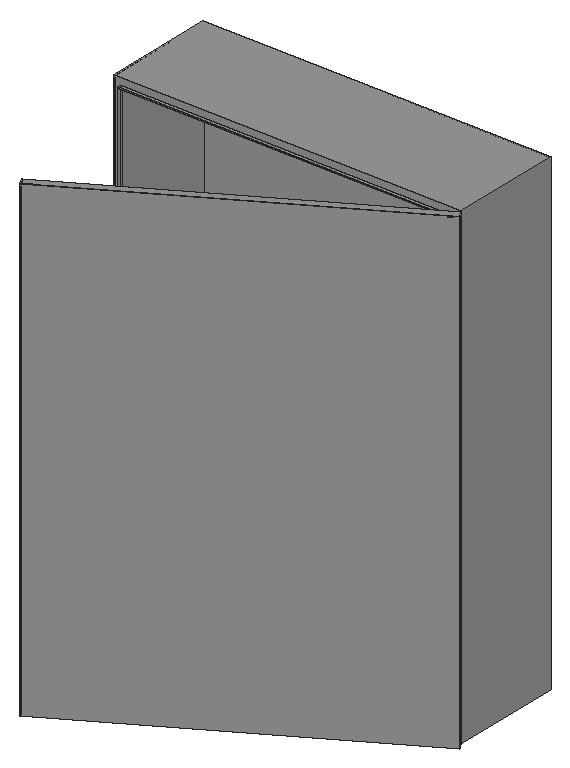
Revit family "Hager-Univers-IP55-D275-H1100-Cl.I-Steel_encl-NoHosted-PL-en", category Equipement électrique, Revit 2020
Family settings
  Configuration du panneau = Deux colonnes, circuits au sein
  Cote de connecteur circulaire = Utiliser le diamètre
  Type d'élément = Tableau de raccordement
  Basée sur le plan de construction = Oui
  Toujours verticalement = Oui
  Couper avec des vides une fois chargée = Non
  Partagée = Non
  Point de calcul de pièce = Non
Parameters (values of type "Surface mounted (plaster) IP55 W800 H1100 D275  - FR73E")
  Width Control [instance] = if([EF000008 - Width] > Min Width, [EF000008 - Width], Min Width)  # 800 mm
  Commentaires du type = [HG000003 - Range]  # "Univers"
  Thickness Door [instance] = if([EF009171 - Material plate thickness door/cover] > 3 mm, 3 mm, [EF009171 - Material plate thickness door/cover])  # 1.5 mm
  Seal Frame Offset [instance] = 17 mm  # constant formula
  Plinth Visibility [instance] = [HG000027 - Plinth height] > 0 mm  # no
  Min Width [instance] = 100 mm  # constant formula
  Min Depth [instance] = (2 * [EF009170 - Material plate thickness cabinet]) + 1 mm  # 4 mm
  Min Height [instance] = 100 mm  # constant formula
  Internal Frame Depth [instance] = (Door System Depth * 0.5)  # 9 mm
  Panel Name [instance] = ""  # (empty or 0)
  Model = ""
  HG000027 - Plinth height = 0 mm
  HG000026 - Floor standing = no
  HG000024 - Bottom section height = 600 mm
  HG000023 - Double section enclosure = no
  HG000016 - Door 3d visibility [instance] = yes
  HG000015 - Clearance visibility [instance] = no
  HG000014 - Door on the right [instance] = yes
  HG000013 - Door on the left [instance] = not([HG000014 - Door on the right])  # no
  HG000012 - Door swing angle [instance] = 30.00°
  HG000010 - Asymmetric doors = no
  HG000009 - Double swing door = no
  HG000006 - Flush mounted = no
  HG000004 - Manufacturer reference = "FR73E"
  HG000003 - Range = "Univers"
  HG000002 - With door or cover = yes
  Frame Offset Bottom [instance] = 10 mm  # constant formula
  Frame Offset [instance] = 15 mm  # constant formula
  EF015940 - Cover with overpressure release = no
  EF011959 - Degree of protection (NEMA) = ""
  EF009554 - Number of openings for flange plates = 6
  EF009212 - Cover model = "EV000116 - Closed"
  EF009171 - Material plate thickness door/cover = 1.5 mm
  EF009170 - Material plate thickness cabinet = 1.5 mm
  EF008873 - Nominal current (In) = 800 A
  EF007800 - Suitable for lightning protection = no
  EF006306 - With lock = no
  EF006244 - Transparent cover/door = no
  EF005474 - Degree of protection (IP) = "EV006420 - IP55"
  EF004464 - Type of door = "EV002646 - Single"
  EF004427 - Number of modules = 252
  EF004293 - Impact strength = "EV008784 - IK10"
  EF003532 - Suitable for outdoor use = no
  EF002950 - Width in number of modular spacings = 24
  EF001613 - Circuit integrity = "EV000494 - None"
  EF001596 - Material housing = "EV000179 - Steel"
  EF001131 - Internal depth = 275 mm
  EF001088 - Extension possible = yes
  EF000437 - Number of conduit inlets = 6
  EF000339 - Type of cover = "EV004216 - Door"
  EF000266 - Number of rows = 7
  EF000218 - Built-in depth = 0 mm
  EF000118 - With mounting plate = no
  EF000116 - RAL-number = "7035"
  EF000049 - Depth = 275 mm
  EF000040 - Height = 1100 mm
  EF000008 - Width = 800 mm
  EF000007 - Colour = "EV000270 - Grey"
  EF000003 - Mounting method = "EV000384 - Surface mounted (plaster)"
  Door System Leaf Tolerance [instance] = 1.5 mm  # constant formula
  Door System Depth [instance] = 18 mm  # constant formula
  Door Height [instance] = Height Control - [HG000027 - Plinth height]  # 1100 mm
  Description = ""
  Default Elevation = 1219.2 mm
  Connector Offset [instance] = Height Control / 2  # 550 mm
  Fabricant = "Hager"  # constant formula
  Height Control [instance] = if([EF000040 - Height] > Min Height, [EF000040 - Height], Min Height)  # 1100 mm
  Depth Control [instance] = if([EF000049 - Depth] > Min Depth, [EF000049 - Depth], Min Depth)  # 275 mm
  Bottom Top Plate Trim [instance] = 1.5 mm  # constant formula
  Plinth height Ctrl [instance] = if([HG000027 - Plinth height] > 0 mm, [HG000027 - Plinth height], 12 mm)  # 12 mm
Types (5, lengths in mm): name | Width Control | HG000010 - Asymmetric doors | HG000009 - Double swing door | HG000004 - Manufacturer reference | EF009554 - Number of openings for flange plates | EF004464 - Type of door | EF004427 - Number of modules | EF000437 - Number of conduit inlets | EF000008 - Width
  Surface mounted (plaster) IP55 W1050 H1100 D275  - FR74E | 1050 | no | yes | "FR74E" | 8 | "EV003602 - Double" | 336 | 8 | 1050
  Surface mounted (plaster) IP55 W1300 H1100 D275  - FR75E | 1300 | yes | yes | "FR75E" | 10 | "EV003602 - Double" | 420 | 10 | 1300
  Surface mounted (plaster) IP55 W300 H1100 D275  - FR71E | 300 | no | no | "FR71E" | 2 | "EV002646 - Single" | 84 | 2 | 300
  Surface mounted (plaster) IP55 W550 H1100 D275  - FR72E | 550 | no | no | "FR72E" | 4 | "EV002646 - Single" | 168 | 4 | 550
  Surface mounted (plaster) IP55 W800 H1100 D275  - FR73E | 800 | no | no | "FR73E" | 6 | "EV002646 - Single" | 252 | 6 | 800
Reference planes
  plane 1 "Center (Front/Back)": y = 0
  plane 2: z = 0
  plane 3 "Center (Left/Right)": x = 0
  plane 4: y = 0
  plane 5: y = 0
  plane 6: z = 0
  plane 7: x = -400
  plane 8: x = 400
  plane 9: x = 398.5
  plane 10: x = -398.5
  plane 11: z = 0
  plane 12: z = 1.5
  plane 13: y = -275
  plane 14: y = -1.5
  plane 15: x = 0
  plane 16: y = -257
  plane 17: y = -273.5
  plane 18: y = -255.5
  plane 19: x = -383.5
  plane 20: x = 383.5
  plane 21: z = 11.5
  plane 22: x = -383
  plane 23: x = 383
  plane 24: z = 0
  plane 25: z = 1100
  plane 26: z = 1100
  plane 27: z = 1083.5
  plane 28: z = 1098.5
Forms (mm)
  Extrusion 1, solid, material "Hager_Steel_RAL7035_Light_Grey", detail levels medium+fine
    sketch origin (-208.679, -4572, 0) x (-1, 0, 0) y (0, -1, 0)
      loop
        line (191.321, -4315) -> (-608.679, -4315) -> (-608.679, -4572) -> (191.321, -4572) -> (191.321, -4315)
    from 0 to 1100
  Extrusion 2, void
    sketch origin (-350.771, -275, 1219.2) x (1, 0, 0) y (0, 0, 1)
      loop
        line (-47.729, -120.7) -> (-47.729, -1217.7) -> (749.271, -1217.7) -> (749.271, -120.7) -> (-47.729, -120.7)
    from -19.5 to -273.5
  Extrusion 3, void
    sketch origin (-290.084, -257, 1219.2) x (1, 0, 0) y (0, 0, 1)
      loop
        line (-93.416, -1207.7) -> (673.584, -1207.7) -> (673.584, -135.7) -> (-93.416, -135.7) -> (-93.416, -1207.7)
    from 0 to -1.5
  Extrusion 4, solid, material "Hager_Steel_RAL7035_Light_Grey", visible <- "Plinth Visibility", detail levels medium+fine
    sketch origin (0, 0, 0) x (1, 0, 0) y (0, 1, 0)
      loop
        line (-400, 0) -> (-400, -257) -> (400, -257) -> (400, 0) -> (-400, 0)
    from 0 to 12 <- "Plinth height Ctrl"
  Extrusion 5, solid, material "Hager_Steel_RAL7035_Light_Grey", detail levels coarse
    sketch origin (0, 0, 0) x (1, 0, 0) y (0, 1, 0)
      loop
        line (-400, 0) -> (-400, -275) -> (400, -275) -> (400, 0) -> (-400, 0)
    from 0 to 1100 <- "Height Control"
  Sweep 6, void
    path in 3D
      loop
        line (-400, -257, 12) -> (400, -257, 12) -> (400, 0, 12) -> (-400, 0, 12) -> (-400, -257, 12)
    profile origin (-400, -128.5, 12) x (1, 0, 0) y (0, 0, 1)
      loop
        line (0, 0) -> (0, -1.5) -> (1.5, -1.5)
        arc (1.5, -1.5) -> (1.061, -0.439) -> (0, 0) r 1.5
  Extrusion 7, solid, material "Hager_Steel_RAL7035_Light_Grey", detail levels fine
    sketch origin (-400, -257, 0) x (1, 0, 0) y (0, 0, 1)
      loop
        line (16.5, 11.5) -> (783.5, 11.5) -> (783.5, 1083.5) -> (16.5, 1083.5) -> (16.5, 11.5)
      loop
        line (15, 10) -> (785, 10) -> (785, 1085) -> (15, 1085) -> (15, 10)
    from 0 to 9 <- "Internal Frame Depth"
Cuts and joins
  Extrusion 2, Extrusion 3 cuts Extrusion 1
  Sweep 6 cuts Extrusion 4
Lines and regions (mm)
  Masking region 1
    outline origin (0, 0, 0) x (1, 0, 0) y (0, 1, 0)
      loop
        line (-400, 0) -> (-400, -275) -> (400, -275) -> (400, 0) -> (-400, 0)
  Masking region 2, detail levels coarse
    outline origin (-290.084, -257, 1219.2) x (-1, 0, 0) y (0, 0, 1)
      loop
        line (-690.084, -1219.2) -> (109.916, -1219.2) -> (109.916, -119.2) -> (-690.084, -119.2) -> (-690.084, -1219.2)
  Masking region 3, detail levels coarse
    outline origin (0, 0, 0) x (0, 1, 0) y (0, 0, 1)
      loop
        line (0, 0) -> (0, 1100) -> (-275, 1100) -> (-275, 0) -> (0, 0)
  Masking region 4, visible <- "Plinth Visibility", detail levels medium+fine
    outline origin (0, 0, 0) x (0, 1, 0) y (0, 0, 1)
      loop
        line (-1.5, 12) -> (-255.5, 12)
        arc (-255.5, 12) -> (-255.939, 10.939) -> (-257, 10.5) r 1.5
        line (-257, 10.5) -> (-257, 0) -> (0, 0) -> (0, 10.5)
        arc (0, 10.5) -> (-1.061, 10.939) -> (-1.5, 12) r 1.5
  Masking region 5, detail levels medium+fine
    outline origin (0, 0, 594.038) x (0, 1, 0) y (0, 0, 1)
      loop
        line (0, -594.038) -> (0, 505.962) -> (-257, 505.962) -> (-257, -594.038) -> (0, -594.038)
  Masking region 6, detail levels medium+fine
    outline origin (-359.7, -257, 1211.883) x (-1, 0, 0) y (0, 0, 1)
      loop
        line (-759.7, -1211.883) -> (40.3, -1211.883) -> (40.3, -111.883) -> (-759.7, -111.883) -> (-759.7, -1211.883)
  Masking region 7, visible <- "Plinth Visibility", detail levels medium+fine
    outline origin (-320.334, -257, 1041.368) x (-1, 0, 0) y (0, 0, 1)
      loop
        line (-720.334, -1041.368) -> (79.666, -1041.368) -> (79.666, -1030.868)
        arc (79.666, -1030.868) -> (78.606, -1030.429) -> (78.166, -1029.368) r 1.5
        line (78.166, -1029.368) -> (-718.834, -1029.368)
        arc (-718.834, -1029.368) -> (-719.273, -1030.429) -> (-720.334, -1030.868) r 1.5
        line (-720.334, -1030.868) -> (-720.334, -1041.368)
  sketch lines
    curve 1: line (-400, 0, 12) -> (-400, -257, 12)
    curve 2: line (-400, -257, 12) -> (400, -257, 12)
    curve 3: line (400, 0, 12) -> (-400, 0, 12)
    curve 4: line (400, -257, 12) -> (400, 0, 12)
Dimensions and locks
  locked: plane 1 "Center (Front/Back)" to plane 5
  "EF009170 - Material plate thickness cabinet": plane 7 to plane 10
  "EF009170 - Material plate thickness cabinet": plane 8 to plane 9
  equal spacing: plane 7, plane 3 "Center (Left/Right)", plane 8
  "Width Control": plane 7 to plane 8
  "Depth Control": plane 4 to plane 13
  "EF009170 - Material plate thickness cabinet": plane 4 to plane 14
  "Height Control": plane 25 to level
  "HG000027 - Plinth height": plane 11 to level
  "EF009170 - Material plate thickness cabinet": plane 12 to plane 11
  "EF009170 - Material plate thickness cabinet": plane 17 to plane 13
  "EF009170 - Material plate thickness cabinet": plane 18 to plane 16
  "Frame Offset Bottom": plane 21 to plane 12
  "Frame Offset": plane 10 to plane 19
  "Frame Offset": plane 9 to plane 20
  "Door System Depth": plane 16 to plane 13
  "Seal Frame Offset": plane 7 to plane 22
  "Seal Frame Offset": plane 8 to plane 23
  "EF009170 - Material plate thickness cabinet": plane 26 to plane 28
  "Frame Offset": plane 28 to plane 27
  "Connector Offset": plane 2 to connector elem
  "Bottom Top Plate Trim": profile plane to Sweep 6 sketch curve
  "Bottom Top Plate Trim": Sweep 6 sketch curve to Sweep 6 sketch curve
  "Plinth height Ctrl": Masking region 4 sketch curve to level
  "Plinth height Ctrl": Masking region 7 sketch curve to level
  "Thickness Door": Extrusion 7 sketch curve to Extrusion 7 sketch curve  (x4)
  "Bottom Top Plate Trim": radius of Sweep 6 sketch curve
  "Bottom Top Plate Trim": radius of Masking region 4 sketch curve  (x2)
  "Bottom Top Plate Trim": radius of Masking region 7 sketch curve  (x2)
  aligned and locked: Extrusion 2 sketch curve to plane 12
  aligned and locked: Extrusion 2 sketch curve to plane 9
  aligned and locked: Extrusion 2 sketch curve to plane 10
  aligned and locked: Extrusion 2 to plane 14
  aligned and locked: Extrusion 1 sketch curve to plane 4
  aligned and locked: plane 8 to Extrusion 1 sketch curve
  aligned and locked: plane 7 to Extrusion 1 sketch curve
  aligned and locked: Extrusion 2 to plane 18
  aligned and locked: Extrusion 3 sketch curve to plane 19
  aligned and locked: plane 20 to Extrusion 3 sketch curve
  aligned and locked: Extrusion 3 to Extrusion 2
  aligned and locked: Extrusion 3 sketch curve to plane 21
  aligned and locked: plane 3 "Center (Left/Right)" to nested 1
  aligned and locked: Extrusion 1 sketch curve to plane 16
  aligned and locked: Extrusion 4 sketch curve to cut or joined group of Extrusion 1, Extrusion 2, Extrusion 3
  aligned and locked: Masking region 1 sketch curve to plane 7
  aligned and locked: Masking region 1 sketch curve to plane 5
  aligned and locked: Masking region 1 sketch curve to plane 8
  aligned and locked: Masking region 2 sketch curve to level
  aligned and locked: level to Masking region 3 sketch curve
  aligned and locked: plane 1 "Center (Front/Back)" to Masking region 3 sketch curve
  aligned and locked: plane 13 to Masking region 3 sketch curve
  aligned and locked: plane 5 to Masking region 4 sketch curve
  aligned and locked: Masking region 2 sketch curve to plane 8
  aligned and locked: Masking region 2 sketch curve to plane 7
  aligned and locked: plane 7 to nested 2
  aligned and locked: nested 2 to plane 5
  aligned and locked: plane 5 to Masking region 5 sketch curve
  aligned and locked: plane 26 to Masking region 5 sketch curve
  aligned and locked: Extrusion 5 sketch curve to plane 8
  aligned and locked: Extrusion 5 sketch curve to plane 7
  aligned and locked: Extrusion 5 sketch curve to plane 5
  aligned and locked: Extrusion 3 sketch curve to plane 27
  aligned and locked: Extrusion 2 sketch curve to plane 28
  aligned and locked: Masking region 2 to plane 25
  aligned and locked: Extrusion 4 to plane 16
  aligned and locked: profile plane to Sweep 6 sketch curve
  aligned and locked: Masking region 5 sketch curve to plane 24
  aligned and locked: level to Masking region 4 sketch curve
  aligned and locked: Masking region 1 to plane 13
  aligned and locked: nested 1 to plane 16
  aligned and locked: Masking region 3 to plane 25
  aligned and locked: plane 16 to Masking region 4 sketch curve
  aligned and locked: Masking region 5 sketch curve to plane 16
  aligned and locked: plane 24 to plane 11
  aligned and locked: plane 26 to plane 25
  aligned and locked: plane 26 to cut or joined group of Extrusion 1, Extrusion 2, Extrusion 3
  aligned and locked: nested 1 to plane 24
  aligned and locked: Extrusion 1 to Extrusion 3
  aligned and locked: Masking region 6 sketch curve to plane 8
  aligned and locked: Masking region 6 sketch curve to plane 24
  aligned and locked: Masking region 6 sketch curve to plane 7
  aligned and locked: Masking region 6 sketch curve to plane 26
  aligned and locked: Masking region 7 sketch curve to plane 7
  aligned and locked: level to Masking region 7 sketch curve
  aligned and locked: Masking region 7 sketch curve to plane 8
  aligned and locked: Extrusion 7 sketch curve to cut or joined group of Extrusion 1, Extrusion 2, Extrusion 3  (x4)
Automatic sketch dimensions
  plane 19 to Extrusion 3 sketch curve = 0 mm
  Extrusion 3 sketch curve to plane 20 = 0 mm
  Extrusion 3 sketch curve to plane 21 = 0 mm
  Extrusion 4 sketch curve to plane 7 = 0 mm
  Extrusion 4 sketch curve to plane 8 = 0 mm
  Extrusion 4 sketch curve to plane 16 = 0 mm
  Masking region 1 sketch curve to plane 13 = 0 mm
  Masking region 2 sketch curve to plane 25 = 0 mm
  Masking region 3 sketch curve to plane 25 = 0 mm
  Extrusion 5 sketch curve to plane 13 = 0 mm
  profile plane to Sweep 6 sketch curve = 0 mm
Nested families
  nested 1: "EC000058_Univers_Door" at (0, -257, 0), Double <- "HG000009 - Double swing door", Transparent <- "EF006244 - Transparent cover/door", Angle <- "HG000012 - Door swing angle", Door_Right <- "HG000014 - Door on the right", Assymetrical <- "HG000010 - Asymmetric doors", Door <- "HG000002 - With door or cover", Width_Ctrl <- "Width Control", 3d_Door <- "HG000016 - Door 3d visibility", Clearance <- "HG000015 - Clearance visibility", Door_Left <- "HG000013 - Door on the left", Width <- "Width Control", Door_Depth <- "Door System Depth", Leaf_Tolerance <- "Door System Leaf Tolerance", Height <- "Door Height", Lock_Visibility <- "EF006306 - With lock", Thickness <- "Thickness Door", type "EC000058_Univers_Door", detail levels medium+fine
    with min_wh 4 mm, Width_Ctrl 800 mm, Width 800 mm, Transparent no, Thickness 1.5 mm, Seal_Material Hager_Rubber, Lock_Visibility no, Lock_Material Hager_Plastic_RAL9005_Jet_Black, Leaf_Width 800 mm, Leaf_Tolerance_External_Sides 0 mm, Leaf_Tolerance 1.5 mm, Leaf_Offset 0 mm, Leaf_Height 1097 mm, Leaf_2_Width 800 mm, Leaf_2_Offset 400 mm, Leaf_1_Width 800 mm, Leaf_1_Offset 400 mm, Height_Ctrl 1100 mm, Height 1100 mm, Glass_Material Hager_Glass, Double_Clearance_Ctrl no, Double no, Door_Right_Ctrl yes, Door_Right yes, Door_Material Hager_Steel_RAL7035_Light_Grey, Door_Left_Ctrl no, Door_Left no, Door_Depth 18 mm, Door yes, Clearance_Material Hager_Clearance, Clearance_Depth 800 mm, Clearance_Ctrl no, Clearance no, Assymetrical no, Angle 30.00°, 3d_Door yes
  nested 2: "Hager_Enclosure_Symbol" at (-400, 0, 0), Height <- "Depth Control", Width <- "Width Control", type "Hager_Enclosure_Symbol"
    with Width_Ctrl 800 mm, Width 800 mm, Height_Ctrl 275 mm, Height 275 mm, A_Width_Int 18.047 mm, A_Width 216.562 mm, A_Height_Ctrl 240.625 mm, A_Height 240.625 mm
Connectors
  electrical at (0, 0, 550)
    settings: on plane 1 "Center (Front/Back)", index 1, voltage 0 V, apparent load 0 VA, apparent load phase1 0 VA, apparent load phase2 0 VA, apparent load phase3 0 VA, power factor 1, load classification "Other", number of poles 1, system type 30, power factor state 1, is connector primary yes, connector utility no, sub classification motor no, connector description ""
Definition of nested family "EC000058_Univers_Door"
  Parameters (values of type "EC000058_Univers_Door")
    min_wh [instance] = (2 * Thickness) + 1 mm  # 11 mm
    Width_Ctrl [instance] = 400 mm
    Width [instance] = 500 mm
    Transparent [instance] = yes
    Thickness [instance] = 5 mm
    Seal_Material [instance] = none
    Lock_Visibility [instance] = yes
    Lock_Material [instance] = none
    Leaf_Width [instance] = if((Width_Ctrl - 2 * Leaf_Tolerance_External_Sides) > 0 mm, (Width_Ctrl - 2 * Leaf_Tolerance_External_Sides), min_wh)  # 400 mm
    Leaf_Tolerance_External_Sides [instance] = 0 mm  # constant formula
    Leaf_Tolerance [instance] = 1.5 mm
    Leaf_Offset [instance] = 0 mm  # constant formula
    Leaf_Height [instance] = if((Height_Ctrl - 2 * Leaf_Tolerance) > 0 mm, (Height_Ctrl - 2 * Leaf_Tolerance), min_wh)  # 497 mm
    Leaf_2_Width [instance] = if(and(and(Double, Assymetrical), Door_Left), (Leaf_Width / 3) - (Leaf_Tolerance / 2), if(and(and(Double, Assymetrical), Door_Right), (Leaf_Width / 3) * 2 - (Leaf_Tolerance / 2), if(and(Double, not(Assymetrical)), (Leaf_Width / 2) - Leaf_Tolerance, Leaf_Width)))  # 400 mm
    Leaf_2_Offset [instance] = if(and(Double, Assymetrical), Leaf_2_Width / 2, if(and(Double, not(Assymetrical)), Leaf_Width / 4, Leaf_Width / 2))  # 200 mm
    Leaf_1_Width [instance] = if(and(and(Double, Assymetrical), Door_Right), (Leaf_Width / 3) - (Leaf_Tolerance / 2), if(and(and(Double, Assymetrical), Door_Left), (Width / 3) * 2 - (Leaf_Tolerance / 2), if(and(Double, not(Assymetrical)), (Leaf_Width / 2) - Leaf_Tolerance, Leaf_Width)))  # 400 mm
    Leaf_1_Offset [instance] = if(and(Double, Assymetrical), Leaf_1_Width / 2, if(and(Double, not(Assymetrical)), Leaf_Width / 4, Leaf_Width / 2))  # 200 mm
    Height_Ctrl [instance] = if(Height > min_wh, Height, min_wh)  # 500 mm
    Height [instance] = 500 mm
    Glass_Material [instance] = none
    Double_Clearance_Ctrl [instance] = and(Double, Clearance)  # no
    Double [instance] = no
    Door_Right_Ctrl [instance] = and(or(Door_Right, Double), Door)  # yes
    Door_Right [instance] = yes
    Door_Material [instance] = none
    Door_Left_Ctrl [instance] = and(or(Door_Left, Double), Door)  # no
    Door_Left [instance] = no
    Door_Depth [instance] = 30 mm
    Door [instance] = yes
    Default Elevation = 1219.2 mm
    Clearance_Material [instance] = none
    Clearance_Depth [instance] = if(Leaf_1_Width > Leaf_2_Width, Leaf_1_Width, Leaf_2_Width)  # 400 mm
    Clearance_Ctrl [instance] = and(not(Double), Clearance)  # yes
    Clearance [instance] = yes
    Assymetrical [instance] = yes
    Angle [instance] = 30.00°
    3d_Door [instance] = yes
  Reference planes
    plane 1 "Center (Front/Back)": y = 0
    plane 2 "Bottom": z = 0
    plane 3 "Center (Left/Right)": x = 0
    plane 4: z = 500
    plane 5: x = -200
    plane 6: x = 200
    plane 7: z = 500
    plane 8: x = -200
    plane 9: z = 0
    plane 10: x = 200
    plane 11: y = 0
    plane 12: z = 1.5
    plane 13: x = -600
    plane 14: y = -400
    plane 15: x = 600
    plane 16: x = 0
    plane 17: x = 0
    plane 18: x = -200
    plane 19: x = 200
    plane 20: z = 498.5
  Forms (mm)
    Extrusion 1, solid, material <- "Clearance_Material", visible <- "Double_Clearance_Ctrl"
      sketch origin (1200, 0, 0) x (1, 0, 0) y (0, 0, -1)
        loop
          line (-1800, -498.5) -> (-600, -498.5) -> (-600, 0) -> (-1800, 0) -> (-1800, -498.5)
      from 0 to -400
  Dimensions and locks
    equal spacing: plane 5, plane 3 "Center (Left/Right)", plane 6
    "Width_Ctrl": plane 5 to plane 6
    "Leaf_Offset": plane 5 to plane 8
    "Leaf_Offset": plane 6 to plane 10
    "Leaf_Offset": plane 9 to level
    "Leaf_Offset": plane 4 to plane 7
    "Height_Ctrl": plane 4 to level
    "Leaf_Tolerance": plane 12 to plane 9
    locked: plane 11 to plane 1 "Center (Front/Back)"
    "Leaf_1_Offset": plane 18 to plane 16
    "Leaf_2_Offset": plane 17 to plane 19
    "Leaf_1_Width": plane 13 to plane 8
    "Leaf_2_Width": plane 10 to plane 15
    "Clearance_Depth": plane 14 to plane 1 "Center (Front/Back)"
    "Leaf_Tolerance_External_Sides": plane 8 to plane 18
    "Leaf_Tolerance_External_Sides": plane 19 to plane 10
    "Leaf_Tolerance": plane 7 to plane 20
    aligned and locked: level to plane 2 "Bottom"
    aligned and locked: nested 1 to plane 16
    aligned and locked: nested 2 to plane 17
    aligned and locked: Extrusion 1 to plane 13
    aligned and locked: plane 15 to Extrusion 1
    aligned and locked: Extrusion 1 to plane 14
    aligned and locked: plane 12 to nested 1
    aligned and locked: nested 2 to plane 12
    aligned and locked: Extrusion 1 to plane 11
    aligned and locked: plane 20 to Extrusion 1
    aligned and locked: nested 2 to plane 11
    aligned and locked: nested 1 to plane 11
  Automatic sketch dimensions
    Extrusion 1 sketch curve to level = 0 mm
    plane 5 to Extrusion 1 sketch curve = 400 mm
    plane 6 to Extrusion 1 sketch curve = 400 mm
    Extrusion 1 sketch curve to plane 4 = 1.5 mm
  Nested families
    nested 1: "EC000058_Univers_Door_Leaf" at (0, 0, 1.5), Width <- "Leaf_1_Width", visible <- "Door_Left_Ctrl", Leaf_Height <- "Leaf_Height", Angle <- "Angle", 3d_Door <- "3d_Door", Transparent <- "Transparent", Clearance Material <- "Clearance_Material", Clearance <- "Clearance_Ctrl", Door_Material <- "Door_Material", Glass_Material <- "Glass_Material", Door_Depth <- "Door_Depth", Lock_Material <- "Lock_Material", Seal_Material <- "Seal_Material", Lock_Visibility <- "Lock_Visibility", Thickness <- "Thickness", type "EC000058_Univers_Door_Leaf"
      with Width 400 mm, Transparent_Glass_Offset 30 mm, Transparent_Ctrl yes, Transparent yes, Thickness 5 mm, Standard no, Seal_Material none, Seal_D2 8 mm, Seal_D1 1 mm, Offset_Internal_Frame 10 mm, Lock_Width 20 mm, Lock_Visibility_3d yes, Lock_Visibility yes, Lock_Thickness_3 3 mm, Lock_Thickness_2 1 mm, Lock_Thickness_1 3 mm, Lock_Radius_Offset_2 16 mm, Lock_Radius_Offset_1 15 mm, Lock_Radius_2 5 mm, Lock_Radius 6 mm, Lock_Offset 5 mm, Lock_Material none, Lock_Height 80 mm, Lock_Cover_Top_Offset_2d 17 mm, Lock_Cover_Height -65 mm, Leaf_Height 497 mm, Internal_Seal_Thickness 8 mm, Internal_Seal_Depth_2 4.5 mm, Internal_Frame_Depth 25 mm, Glass_Thickness -1 mm, Glass_Offset -2 mm, Glass_Material none, Door_Material none, Door_Depth 30 mm, Clearance Material none, Clearance yes, Angle_Ctrl 30.00°, Angle 30.00°, 3d_Door yes
    nested 2: "EC000058_Univers_Door_Leaf" at (0, 0, 1.5) x (-1, 0, 0) z (0, 0, 1), Width <- "Leaf_2_Width", visible <- "Door_Right_Ctrl", Leaf_Height <- "Leaf_Height", Angle <- "Angle", 3d_Door <- "3d_Door", Transparent <- "Transparent", Clearance Material <- "Clearance_Material", Clearance <- "Clearance_Ctrl", Door_Material <- "Door_Material", Glass_Material <- "Glass_Material", Door_Depth <- "Door_Depth", Lock_Material <- "Lock_Material", Seal_Material <- "Seal_Material", Lock_Visibility <- "Lock_Visibility", Thickness <- "Thickness", type "EC000058_Univers_Door_Leaf"
      with Width 400 mm, Transparent_Glass_Offset 30 mm, Transparent_Ctrl yes, Transparent yes, Thickness 5 mm, Standard no, Seal_Material none, Seal_D2 8 mm, Seal_D1 1 mm, Offset_Internal_Frame 10 mm, Lock_Width 20 mm, Lock_Visibility_3d yes, Lock_Visibility yes, Lock_Thickness_3 3 mm, Lock_Thickness_2 1 mm, Lock_Thickness_1 3 mm, Lock_Radius_Offset_2 16 mm, Lock_Radius_Offset_1 15 mm, Lock_Radius_2 5 mm, Lock_Radius 6 mm, Lock_Offset 5 mm, Lock_Material none, Lock_Height 80 mm, Lock_Cover_Top_Offset_2d 17 mm, Lock_Cover_Height -65 mm, Leaf_Height 497 mm, Internal_Seal_Thickness 8 mm, Internal_Seal_Depth_2 4.5 mm, Internal_Frame_Depth 25 mm, Glass_Thickness -1 mm, Glass_Offset -2 mm, Glass_Material none, Door_Material none, Door_Depth 30 mm, Clearance Material none, Clearance yes, Angle_Ctrl 30.00°, Angle 30.00°, 3d_Door yes
  Definition of nested family "EC000058_Univers_Door_Leaf"
    Parameters (values of type "EC000058_Univers_Door_Leaf")
      Width [instance] = 2000 mm
      Transparent_Glass_Offset [instance] = 30 mm
      Transparent_Ctrl [instance] = and(Transparent, [3d_Door])  # yes
      Transparent [instance] = yes
      Thickness [instance] = 5 mm
      Standard [instance] = and(not(Transparent), [3d_Door])  # no
      Seal_Material [instance] = none
      Seal_D2 [instance] = 8 mm  # constant formula
      Seal_D1 [instance] = 1 mm  # constant formula
      Offset_Internal_Frame [instance] = 10 mm  # constant formula
      Lock_Width [instance] = 20 mm  # constant formula
      Lock_Visibility_3d [instance] = and(Lock_Visibility, [3d_Door])  # yes
      Lock_Visibility [instance] = yes
      Lock_Thickness_3 [instance] = 3 mm  # constant formula
      Lock_Thickness_2 [instance] = 1 mm  # constant formula
      Lock_Thickness_1 [instance] = 3 mm  # constant formula
      Lock_Radius_Offset_2 [instance] = Lock_Radius_Offset_1 + 1 mm  # 16 mm
      Lock_Radius_Offset_1 [instance] = 15 mm  # constant formula
      Lock_Radius_2 [instance] = Lock_Radius - 1 mm  # 5 mm
      Lock_Radius [instance] = 6 mm  # constant formula
      Lock_Offset [instance] = 5 mm  # constant formula
      Lock_Material [instance] = none
      Lock_Height [instance] = 80 mm  # constant formula
      Lock_Cover_Top_Offset_2d [instance] = Lock_Radius_Offset_2 + 1 mm  # 17 mm
      Lock_Cover_Height [instance] = -(Lock_Height - Lock_Radius_Offset_1)  # -65 mm
      Leaf_Height [instance] = 2720.336 mm
      Internal_Seal_Thickness [instance] = 8 mm  # constant formula
      Internal_Seal_Depth_2 [instance] = 4.5 mm  # constant formula
      Internal_Frame_Depth [instance] = if(Door_Depth - Thickness > 5 mm, Door_Depth - Thickness, 5 mm)  # 25 mm
      Glass_Thickness [instance] = if(Thickness > 15 mm, Glass_Offset + 10 mm, -1 mm)  # -1 mm
      Glass_Offset [instance] = if(Thickness > 15 mm, -(Thickness + 10 mm) / 2, -2 mm)  # -2 mm
      Glass_Material [instance] = none
      Door_Material [instance] = none
      Door_Depth [instance] = 30 mm
      Default Elevation = 0 mm
      Clearance Material [instance] = none
      Clearance [instance] = yes
      Angle_Ctrl [instance] = if(Angle > 180.00°, 180.00°, Angle)  # 90.00°
      Angle [instance] = 90.00°
      3d_Door [instance] = yes
    Reference planes
      plane 1 "Center (Front/Back)": y = 0
      plane 2: z = 0
      plane 3 "Center (Left/Right)": x = 0
      plane 4: y = 2000
      plane 5: x = -1000
      plane 6: x = 1000
      plane 7: x = -3000
      plane 8: z = 2720.336
      plane 9: z = 30
      plane 10: z = 2690.336
      plane 11: x = 970
      plane 12: x = -970
      plane 13: y = -3
      plane 14: z = 107.833
      plane 15: y = -5
      plane 16: y = -223.314
      plane 17: x = -1000
      plane 18: z = 1360.168
      plane 19: y = 30
    Forms (mm)
      Extrusion 1, solid, material <- "Clearance Material", visible <- "Clearance"
        sketch origin (0, 0, 0) x (1, 0, 0) y (0, 0, 1)
          loop
            line (-3000, 2720.336) -> (-3000, 0) -> (1000, 0) -> (1000, 2720.336) -> (-3000, 2720.336)
        from 0 to -2000
      Extrusion 2, solid, material <- "Door_Material", visible <- "Standard", detail levels medium+fine
        sketch origin (-1000, 0, 0) x (0, 1, 0) y (-1, 0, 0)
          loop
            line (0, 30) -> (0, 25) -> (2000, 25) -> (2000, 30) -> (0, 30)
        from 0 to 2720.336 <- "Leaf_Height"
      Extrusion 3, solid, material <- "Door_Material", visible <- "Transparent_Ctrl", detail levels medium+fine
        sketch origin (-1000, 0, 0) x (0, 1, 0) y (-1, 0, 0)
          loop
            line (0, 25) -> (2000, 25) -> (2000, 30) -> (0, 30) -> (0, 25)
        from 0 to 2720.336 <- "Leaf_Height"
      Extrusion 4, void
        sketch origin (-1025, 2000, 0) x (0, 1, 0) y (0, 0, -1)
          loop
            line (-30, -2690.336) -> (-30, -30) -> (-1970, -30) -> (-1970, -2690.336) -> (-30, -2690.336)
        from 0 to 5 <- "Thickness"
      Sweep 5, solid, material <- "Seal_Material", visible <- "Transparent_Ctrl", detail levels fine
        path in 3D
          loop
            line (-1025, 30, 30) -> (-1025, 30, 2690.336) -> (-1025, 1970, 2690.336) -> (-1025, 1970, 30) -> (-1025, 30, 30)
        profile origin (-1025, 1000, 30) x (1, 0, 0) y (0, 0, 1)
          loop
            line (0, 0) -> (0, -8) -> (1, -8) -> (1, 0) -> (0, 0)
      Extrusion 6, solid, material <- "Glass_Material", visible <- "Transparent_Ctrl", detail levels medium+fine
        sketch origin (-1030, 0, 0) x (0, 1, 0) y (0, 0, -1)
          loop
            line (1970, -2690.336) -> (1970, -30) -> (30, -30) -> (30, -2690.336) -> (1970, -2690.336)
        from -2 <- "Glass_Offset" to -1 <- "Glass_Thickness"
      Extrusion 7, solid, material <- "Door_Material", visible <- "3d_Door", detail levels medium+fine
        sketch origin (-1025, 2000, 0) x (0, -1, 0) y (0, 0, -1)
          loop
            line (0, -2720.336) -> (2000, -2720.336) -> (2000, 0) -> (0, 0) -> (0, -2720.336)
          loop
            line (1995, -5) -> (5, -5) -> (5, -2715.336) -> (1995, -2715.336) -> (1995, -5)
        from 0 to 25 <- "Internal_Frame_Depth"
      Sweep 8, solid, material <- "Seal_Material", visible <- "Transparent_Ctrl", detail levels fine
        path in 3D
          loop
            line (-1025, 0, 0) -> (-1025, 2000, 0) -> (-1025, 2000, 2720.336) -> (-1025, 0, 2720.336) -> (-1025, 0, 0)
        profile origin (-1025, 0, 1360.168) x (1, 0, 0) y (0, 1, 0)
          loop
            line (0, 10) -> (2.975, 10)
            arc (2.975, 10) -> (4.053, 10.447) -> (4.5, 11.525) r 1.525
            line (4.5, 11.525) -> (4.5, 16.527)
            arc (4.5, 16.527) -> (4.069, 17.569) -> (3.027, 18) r 1.473
            line (3.027, 18) -> (0, 18) -> (0, 10)
      Extrusion 9, solid, material <- "Lock_Material", visible <- "Lock_Visibility_3d", detail levels fine
        sketch origin (-1030, 0, 0) x (0, 1, 0) y (0, 0, -1)
          loop
            arc (1993.5, -1400.168) -> (1994.561, -1399.729) -> (1995, -1398.668) r 1.5
            line (1995, -1398.668) -> (1995, -1320.168) -> (1975, -1320.168) -> (1975, -1398.668)
            arc (1975, -1398.668) -> (1975.439, -1399.729) -> (1976.5, -1400.168) r 1.5
            line (1976.5, -1400.168) -> (1993.5, -1400.168)
        from 3 <- "Lock_Thickness_1" to 0
      Blend 10, solid, material <- "Lock_Material", visible <- "Lock_Visibility_3d", detail levels fine
        base sketch origin (-1033, 0, 0) x (0, 1, 0) y (0, 0, -1)
          loop
            line (1975, -1320.168) -> (1975, -1398.668)
            arc (1975, -1398.668) -> (1975.439, -1399.729) -> (1976.5, -1400.168) r 1.5
            line (1976.5, -1400.168) -> (1993.5, -1400.168)
            arc (1993.5, -1400.168) -> (1994.561, -1399.729) -> (1995, -1398.668) r 1.5
            line (1995, -1398.668) -> (1995, -1320.168) -> (1975, -1320.168)
        top sketch origin (-1033, 0, 0) x (0, 1, 0) y (0, 0, -1)
          loop
            line (1976, -1320.168) -> (1976, -1398.668)
            arc (1976, -1398.668) -> (1976.146, -1399.022) -> (1976.5, -1399.168) r 0.5
            line (1976.5, -1399.168) -> (1993.5, -1399.168)
            arc (1993.5, -1399.168) -> (1993.854, -1399.022) -> (1994, -1398.668) r 0.5
            line (1994, -1398.668) -> (1994, -1320.168) -> (1976, -1320.168)
        from 0 to 1 <- "Lock_Thickness_2"
      Blend 11, solid, material <- "Lock_Material", visible <- "Lock_Visibility_3d", detail levels fine
        base sketch origin (-1034, 0, 0) x (0, 1, 0) y (0, 0, -1)
          loop
            line (1978, -1320.168) -> (1978, -1384.168)
            arc (1978, -1384.168) -> (1985, -1391.168) -> (1992, -1384.168) r 7
            line (1992, -1384.168) -> (1992, -1320.168) -> (1978, -1320.168)
        top sketch origin (-1034, 0, 0) x (0, 1, 0) y (0, 0, -1)
          loop
            line (1991, -1320.168) -> (1979, -1320.168) -> (1979, -1383.168)
            arc (1979, -1383.168) -> (1985, -1389.168) -> (1991, -1383.168) r 6
            line (1991, -1383.168) -> (1991, -1320.168)
        from 0 to 3 <- "Lock_Thickness_3"
      Extrusion 12, solid, material <- "Lock_Material", visible <- "Lock_Visibility_3d", detail levels fine
        sketch origin (-1030, 1975, 1320.168) x (1, 0, 0) y (0, -1, 0)
          loop
            line (-7, -19) -> (-7, -1) -> (0, -1) -> (0, 0) -> (-8, 0) -> (-8, -20) -> (0, -20) -> (0, -19) -> (-7, -19)
        from 0 to -65 <- "Lock_Cover_Height"
      Extrusion 13, void
        sketch origin (-1038, 1995, 1320.168) x (-1, 0, 0) y (0, 0, -1)
          loop
            line (-5, -65) -> (0, -65) -> (-5, -60) -> (-5, -65)
        from 0 to 20 <- "Lock_Width"
      Extrusion 14, void
        sketch origin (-1038, 1975, 1320.168) x (0, -1, 0) y (0, 0, -1)
          loop
            circle (-10, -15.995) r 6
          loop
            circle (-10, -15.995) r 5
        from 0 to 2
      Extrusion 15, solid, material <- "Lock_Material", visible <- "Lock_Visibility_3d", detail levels medium
        sketch origin (-1030, 0, 0) x (0, 1, 0) y (0, 0, -1)
          loop
            arc (1993.5, -1400.168) -> (1994.561, -1399.729) -> (1995, -1398.668) r 1.5
            line (1995, -1398.668) -> (1995, -1320.168) -> (1975, -1320.168) -> (1975, -1398.668)
            arc (1975, -1398.668) -> (1975.439, -1399.729) -> (1976.5, -1400.168) r 1.5
            line (1976.5, -1400.168) -> (1993.5, -1400.168)
        from 8 to 0
    Cuts and joins
      Extrusion 4 cuts Extrusion 3
      Extrusion 13, Extrusion 14 cuts Extrusion 9
      Extrusion 14 cuts Blend 11
      Extrusion 13, Extrusion 14 cuts Extrusion 12
      joined: Extrusion 9, Blend 10, Blend 11, Extrusion 12
      Extrusion 14 cuts Extrusion 15
    Lines and regions (mm)
      Masking region 1, visible <- "Lock_Visibility", detail levels fine
        outline origin (0, 0, 0) x (0, 1, 0) y (0, 0, 1)
          loop
            line (30, 1320.168) -> (33, 1320.168) -> (33, 1400.168) -> (30, 1400.168) -> (30, 1320.168)
      Masking region 2, visible <- "Lock_Visibility", detail levels fine
        outline origin (0, 3.143, 0) x (0, 1, 0) y (0, 0, 1)
          loop
            line (29.857, 1354.168) -> (30.857, 1354.168) -> (30.857, 1366.168) -> (29.857, 1366.168) -> (29.857, 1354.168)
      Masking region 3, detail levels medium+fine
        outline origin (0, 0, 0) x (0, 1, 0) y (0, 0, 1)
          loop
            line (0, 0) -> (30, 0) -> (30, 2720.336) -> (0, 2720.336) -> (0, 0)
      Masking region 4, detail levels medium+fine
        outline origin (0, 0, 0) x (1, 0, 0) y (0, 0, 1)
          loop
            line (-1000, 2720.336) -> (-1000, 0) -> (1000, 0) -> (1000, 2720.336) -> (-1000, 2720.336)
      Masking region 5, visible <- "Lock_Visibility", detail levels fine
        outline origin (-47.116, 0, 0) x (1, 0, 0) y (0, 0, 1)
          loop
            arc (1024.616, 1399.168) -> (1023.556, 1398.729) -> (1023.116, 1397.668) r 1.5
            line (1023.116, 1397.668) -> (1023.116, 1320.168) -> (1041.116, 1320.168) -> (1041.116, 1397.668)
            arc (1041.116, 1397.668) -> (1040.677, 1398.729) -> (1039.616, 1399.168) r 1.5
            line (1039.616, 1399.168) -> (1024.616, 1399.168)
      Masking region 6, visible <- "Lock_Visibility", detail levels medium+fine
        outline origin (-25, 0, 0) x (1, 0, 0) y (0, 0, 1)
          loop
            arc (1001.5, 1400.168) -> (1000.439, 1399.729) -> (1000, 1398.668) r 1.5
            line (1000, 1398.668) -> (1000, 1320.168) -> (1020, 1320.168) -> (1020, 1398.668)
            arc (1020, 1398.668) -> (1019.561, 1399.729) -> (1018.5, 1400.168) r 1.5
            line (1018.5, 1400.168) -> (1001.5, 1400.168)
      Masking region 7, visible <- "Lock_Visibility", detail levels fine
        outline origin (-73.735, 0, 0) x (1, 0, 0) y (0, 0, 1)
          loop
            line (1051.735, 1382.168) -> (1065.735, 1382.168) -> (1065.735, 1384.168)
            arc (1065.735, 1384.168) -> (1058.735, 1391.168) -> (1051.735, 1384.168) r 7
            line (1051.735, 1384.168) -> (1051.735, 1382.168)
      Masking region 8, visible <- "Lock_Visibility", detail levels fine
        outline origin (-73.735, 0, 0) x (1, 0, 0) y (0, 0, 1)
          loop
            line (1052.735, 1382.168) -> (1064.735, 1382.168) -> (1064.735, 1383.168)
            arc (1064.735, 1383.168) -> (1058.735, 1389.168) -> (1052.735, 1383.168) r 6
            line (1052.735, 1383.168) -> (1052.735, 1382.168)
      Masking region 9, visible <- "Lock_Visibility", detail levels fine
        outline origin (-25, 0, 0) x (1, 0, 0) y (0, 0, 1)
          loop
            line (1020, 1320.168) -> (1020, 1382.168) -> (1000, 1382.168) -> (1000, 1320.168) -> (1020, 1320.168)
      Masking region 10, detail levels medium+fine
        outline origin (0, 0, 0) x (1, 0, 0) y (0, 0, 1)
          loop
            circle (985, 1335.144) r 6
      Masking region 11, detail levels fine
        outline origin (0, 0, 0) x (1, 0, 0) y (0, 0, 1)
          loop
            circle (985, 1335.144) r 5
      Masking region 12, visible <- "Lock_Visibility", detail levels fine
        outline origin (0, 12.767, 0) x (0, 1, 0) y (0, 0, 1)
          loop
            line (20.233, 1320.168) -> (21.233, 1320.168) -> (21.233, 1399.168) -> (20.233, 1400.168) -> (20.233, 1320.168)
      Masking region 13, visible <- "Lock_Visibility", detail levels fine
        outline origin (0, 13.767, -10) x (0, 1, 0) y (0, 0, 1)
          loop
            line (20.233, 1330.168) -> (23.233, 1330.168) -> (23.233, 1399.168) -> (20.233, 1402.168) -> (20.233, 1330.168)
      Masking region 14, visible <- "Lock_Visibility", detail levels fine
        outline origin (0, 12.767, -10) x (0, 1, 0) y (0, 0, 1)
          loop
            line (20.233, 1330.168) -> (25.233, 1330.168) -> (25.233, 1399.305) -> (20.233, 1394.305) -> (20.233, 1330.168)
      Masking region 15, visible <- "Lock_Visibility", detail levels medium
        outline origin (0, 0, 0) x (0, 1, 0) y (0, 0, 1)
          loop
            line (30, 1320.168) -> (38, 1320.168) -> (38, 1400.168) -> (30, 1400.168) -> (30, 1320.168)
      Masking region 16, visible <- "Lock_Visibility", detail levels fine
        outline origin (-1000, 0, 0) x (0, 1, 0) y (-1, 0, 0)
          loop
            line (1975, 30) -> (1995, 30) -> (1995, 38) -> (1975, 38) -> (1975, 30)
          loop
            line (1979, 37) -> (1976, 37) -> (1976, 34) -> (1978, 34) -> (1979, 37)
          loop
            line (1994, 37) -> (1991, 37) -> (1992, 34) -> (1994, 34) -> (1994, 37)
      Masking region 17, visible <- "Lock_Visibility", detail levels medium
        outline origin (-1000, 0, 0) x (0, 1, 0) y (-1, 0, 0)
          loop
            line (1975, 30) -> (1995, 30) -> (1995, 38) -> (1975, 38) -> (1975, 30)
      symbolic lines
        curve 1: line (1000, 0, 0) -> (-3000, 0, 0)
        curve 2: arc (1000, 0, 0) -> (-1000, 2000, 0) -> (-3000, 0, 0) r 2000
        curve 4: line (-1030, 0, 0) -> (-1030, 2000, 0)
      reference lines
        curve 3: line (-1000, 0, 0) -> (-1000, 2000, 0)
      symbolic lines, detail levels medium+fine
        curve 5: line (-1030, 2000, 0) -> (-1025, 2000, 0)
        curve 7: line (-1025, 0, 0) -> (-1030, 0, 0)
        curve 8: line (-1025, 0, 0) -> (-1000, 0, 0)
        curve 9: line (-1000, 0, 0) -> (-1000, 2000, 0)
        curve 10: line (-1000, 2000, 0) -> (-1025, 2000, 0)
      symbolic lines, detail levels fine
        curve 6: line (-1025, 2000, 0) -> (-1025, 0, 0)
      sketch lines
        curve 11: line (-1025, 0, 2720.336) -> (-1025, 0, 0)
        curve 12: line (-1025, 2000, 0) -> (-1025, 0, 0)
        curve 13: line (-1025, 2000, 2720.336) -> (-1025, 2000, 0)
        curve 14: line (-1025, 0, 2720.336) -> (-1025, 2000, 2720.336)
        curve 15: line (-1025, 1970, 30) -> (-1025, 30, 30)
        curve 16: line (-1025, 30, 30) -> (-1025, 30, 2690.336)
        curve 17: line (-1025, 1970, 2690.336) -> (-1025, 1970, 30)
        curve 18: line (-1025, 30, 2690.336) -> (-1025, 1970, 2690.336)
      symbolic lines, visible <- "Transparent", detail levels medium+fine
        curve 19: line (-970, 0, 2690.336) -> (970, 0, 2690.336)
        curve 20: line (-970, 0, 30) -> (-970, 0, 2690.336)
        curve 21: line (970, 0, 30) -> (-970, 0, 30)
        curve 22: line (970, 0, 2690.336) -> (970, 0, 30)
    Dimensions and locks
      "Width": plane 1 "Center (Front/Back)" to plane 4
      equal spacing: plane 5, plane 3 "Center (Left/Right)", plane 6
      "Width": plane 5 to plane 6
      "Width": plane 7 to plane 5
      "Leaf_Height": plane 8 to level
      "Width": curve 5 to curve 3
      "Width": curve 3 to curve 3
      plane 8 to plane 10 = 30 mm
      plane 9 to level = 30 mm
      plane 12 to plane 5 = 30 mm
      plane 6 to plane 11 = 30 mm
      Extrusion 1 to Extrusion 4 sketch curve = 30 mm
      "Transparent_Glass_Offset": curve 3 to Extrusion 4 sketch curve
      "Transparent_Glass_Offset": Extrusion 4 sketch curve to cut or joined group of Extrusion 3, Extrusion 4  (x2)
      cut or joined group of Extrusion 3, Extrusion 4 to Extrusion 6 sketch curve = 30 mm
      "Transparent_Glass_Offset": cut or joined group of Extrusion 3, Extrusion 4 to Extrusion 4 sketch curve
      "Thickness": curve 6 to curve 4
      "Thickness": Extrusion 7 sketch curve to Extrusion 7 sketch curve  (x4)
      "Door_Depth": curve 4 to curve 3
      "Offset_Internal_Frame": profile plane to Sweep 8 sketch curve
      "Internal_Seal_Thickness": Sweep 8 sketch curve to Sweep 8 sketch curve
      "Internal_Seal_Depth_2": profile plane to Sweep 8 sketch curve
      "Seal_D1": profile plane to Sweep 5 sketch curve
      "Seal_D2": profile plane to Sweep 5 sketch curve
      "Thickness": Extrusion 2 sketch curve to Extrusion 2 sketch curve
      equal spacing: Extrusion 9 sketch curve, plane 18, Extrusion 9 sketch curve  (x2)
      equal spacing: Masking region 1 sketch curve, plane 18, Masking region 1 sketch curve
      "Lock_Height": Masking region 1 sketch curve to Masking region 1 sketch curve
      "Lock_Radius": Masking region 2 sketch curve to plane 18 to Masking region 2 sketch curve
      Masking region 2 sketch curve to Masking region 1 = 1 mm
      "Door_Depth": plane 19 to plane 1 "Center (Front/Back)"
      "Lock_Thickness_1": Masking region 1 sketch curve to plane 19
      "Lock_Width": Extrusion 9 sketch curve to Extrusion 9 sketch curve
      "Lock_Height": Extrusion 9 sketch curve to Extrusion 9 sketch curve
      "Lock_Offset": cut or joined group of Extrusion 3, Extrusion 4 to Extrusion 9 sketch curve
      equal spacing: plane 8, plane 18, level
      "Lock_Radius_Offset_1": Blend 11 sketch curve to Blend 10
      locked: Blend 10 to Blend 11 sketch curve at 2  (x2)
      locked: var sketch to Blend 11 sketch curve at 1  (x2)
      "Lock_Radius_Offset_2": Blend 11 sketch curve to Blend 10
      locked: Extrusion 12 sketch curve to Extrusion 12 sketch curve at 1  (x3)
      Masking region 6 sketch curve to Masking region 6 sketch curve = 80 mm
      "Lock_Height": Masking region 6 sketch curve to Masking region 6 sketch curve
      "Lock_Width": Masking region 6 sketch curve to Masking region 6 sketch curve
      locked: Masking region 6 to Masking region 5 sketch curve at 1  (x3)
      locked: Masking region 5 to Masking region 7 sketch curve at 2  (x2)
      "Lock_Radius_Offset_1": Masking region 5 to Masking region 7 sketch curve
      "Lock_Radius_Offset_2": Masking region 5 to Masking region 8 sketch curve
      locked: Masking region 7 to Masking region 8 sketch curve at 1  (x2)
      "Lock_Cover_Top_Offset_2d": Masking region 5 to Masking region 9 sketch curve
      equal spacing: Masking region 9, Masking region 10 sketch curve, Masking region 9
      equal spacing: Masking region 9, Masking region 11 sketch curve, Masking region 9
      Extrusion 15 sketch curve to Extrusion 15 sketch curve = 80 mm
      "Lock_Width": Extrusion 15 sketch curve to Extrusion 15 sketch curve
      "Lock_Height": Extrusion 15 sketch curve to Extrusion 15 sketch curve
      equal spacing: Extrusion 15 sketch curve, plane 18, Extrusion 15 sketch curve
      "Lock_Thickness_3": Masking region 13 sketch curve to Masking region 13 sketch curve
      "Lock_Height": Masking region 12 sketch curve to Masking region 12 sketch curve
      locked: Masking region 13 sketch curve to Masking region 1 at 8
      locked: Masking region 14 sketch curve to Masking region 13 at 1
      locked: Masking region 14 sketch curve to Masking region 1 at 10.863
      "Lock_Height": Masking region 15 sketch curve to Masking region 15 sketch curve
      "Lock_Offset": Extrusion 15 sketch curve to cut or joined group of Extrusion 3, Extrusion 4
      "Lock_Offset": plane 6 to Masking region 6 sketch curve
      radius of Sweep 8 sketch curve = 1.525 mm
      radius of Sweep 8 sketch curve = 1.473 mm
      radius of Extrusion 9 sketch curve = 1.5 mm  (x2)
      "Lock_Radius": radius of Extrusion 14 sketch curve
      "Lock_Radius_2": radius of Extrusion 14 sketch curve
      "Lock_Radius": radius of Masking region 10 sketch curve
      "Lock_Radius_2": radius of Masking region 11 sketch curve
      radius of Extrusion 15 sketch curve = 1.5 mm  (x2)
      "Angle_Ctrl": angle plane 1 "Center (Front/Back)" to curve 3
      locked: Masking region 12 sketch curve to Masking region 12 sketch curve (angle 45.00°)
      locked: Masking region 13 sketch curve to Masking region 13 sketch curve (angle 45.00°)
      locked: Masking region 14 sketch curve to Masking region 14 sketch curve (angle 45.00°)
      aligned and locked: level to plane 2
      aligned and locked: Extrusion 1 to curve 1
      aligned and locked: plane 6 to Extrusion 1
      aligned and locked: Extrusion 1 to plane 1 "Center (Front/Back)"
      aligned and locked: plane 4 to Extrusion 1
      aligned and locked: plane 8 to Extrusion 1
      aligned and locked: curve 7 to Extrusion 2 sketch curve
      aligned and locked: curve 5 to Extrusion 2 sketch curve
      aligned and locked: curve 7 to Extrusion 3 sketch curve
      aligned and locked: Extrusion 3 sketch curve to curve 4
      aligned and locked: Extrusion 3 sketch curve to curve 6
      aligned and locked: Extrusion 3 sketch curve to curve 5
      aligned and locked: curve 9 to curve 3
      aligned and locked: Extrusion 7 sketch curve to cut or joined group of Extrusion 3, Extrusion 4  (x4)
      aligned and locked: plane 17 to curve 3
      aligned and locked: plane 1 "Center (Front/Back)" to curve 3
      aligned and locked: plane 17 to plane 5
      aligned and locked: Sweep 8 sketch curve to profile plane
      aligned and locked: Sweep 5 sketch curve to profile plane  (x2)
      aligned and locked: Masking region 1 to Masking region 2 sketch curve
      aligned and locked: plane 19 to Masking region 1 sketch curve
      aligned and locked: plane 1 "Center (Front/Back)" to Masking region 3 sketch curve
      aligned and locked: plane 19 to Masking region 3 sketch curve
      aligned and locked: level to Masking region 3 sketch curve
      aligned and locked: Masking region 3 sketch curve to plane 8
      aligned and locked: plane 17 to Masking region 4 sketch curve
      aligned and locked: level to Masking region 4 sketch curve
      aligned and locked: Masking region 4 sketch curve to plane 8
      aligned and locked: plane 12 to curve 20
      aligned and locked: plane 10 to curve 19
      aligned and locked: plane 11 to curve 22
      aligned and locked: curve 21 to plane 9
      aligned and locked: Extrusion 2 sketch curve to cut or joined group of Extrusion 3, Extrusion 4
      aligned and locked: Blend 10 sketch curve to Extrusion 9  (x4)
      aligned and locked: Extrusion 9 to Blend 10 sketch curve
      aligned and locked: Blend 10 to Blend 11 sketch curve
      aligned and locked: Extrusion 12 sketch curve to Blend 11
      aligned and locked: Extrusion 12 sketch curve to Extrusion 9  (x4)
      aligned and locked: Masking region 5 sketch curve to Masking region 6
      aligned and locked: Masking region 9 sketch curve to Masking region 6  (x3)
      aligned and locked: Masking region 12 sketch curve to Masking region 1
      aligned and locked: Masking region 13 sketch curve to Masking region 1
      aligned and locked: Masking region 12 to Masking region 14
      aligned and locked: Masking region 14 sketch curve to Masking region 1
      aligned and locked: Masking region 15 sketch curve to Masking region 14
      aligned and locked: Masking region 13 sketch curve to Masking region 12
      aligned and locked: Masking region 16 sketch curve to cut or joined group of Extrusion 14, Extrusion 15  (x4)
      aligned and locked: Masking region 16 sketch curve to cut or joined group of Extrusion 9, Blend 10, Blend 11, Extrusion 12, Extrusion 13, Extrusion 14  (x6)
      aligned and locked: cut or joined group of Extrusion 9, Blend 10, Blend 11, Extrusion 12, Extrusion 13, Extrusion 14 to Masking region 16 sketch curve
      aligned and locked: Masking region 17 sketch curve to cut or joined group of Extrusion 14, Extrusion 15  (x3)
      aligned and locked: Masking region 17 sketch curve to cut or joined group of Extrusion 9, Blend 10, Blend 11, Extrusion 12, Extrusion 13, Extrusion 14
      aligned and locked: Masking region 9 to Masking region 8 sketch curve
      aligned and locked: Masking region 9 to Masking region 7 sketch curve
    Automatic sketch dimensions
      plane 1 "Center (Front/Back)" to curve 2 = 0 mm
      curve 2 to plane 5 = 0 mm
      Extrusion 1 sketch curve to level = 0 mm
      Extrusion 1 sketch curve to plane 7 = 0 mm
      Extrusion 1 sketch curve to plane 6 = 0 mm
      Extrusion 1 sketch curve to plane 8 = 0 mm
      Extrusion 3 to Extrusion 6 sketch curve = 30 mm  (x4)
      Masking region 4 sketch curve to plane 6 = 0 mm
      Blend 10 sketch curve to Extrusion 9 = 1.5 mm
      Blend 10 sketch curve to Extrusion 9 = 1 mm
      Extrusion 13 sketch curve to Extrusion 12 = 0 mm  (x2)
      Extrusion 12 to Extrusion 13 sketch curve = 3 mm
      Extrusion 13 sketch curve to Extrusion 12 = 5 mm
      Extrusion 14 sketch curve to Extrusion 14 sketch curve = 0 mm  (x2)
      Extrusion 14 sketch curve to Extrusion 12 = 10 mm
      Extrusion 14 sketch curve to Extrusion 12 = 15.995 mm
      Masking region 5 sketch curve to Masking region 5 sketch curve = 1.5 mm  (x2)
      Masking region 10 sketch curve to plane 18 = 25.024 mm
      Masking region 11 sketch curve to plane 18 = 25.024 mm
      plane 19 to Masking region 14 sketch curve = 3 mm
      Masking region 16 sketch curve to Masking region 16 sketch curve = 3 mm
      curve 4 to curve 3 = 0 mm
      Blend 10 to Blend 11 sketch curve = 0 mm
      Masking region 6 sketch curve to Masking region 6 sketch curve = 1.5 mm  (x2)
      Masking region 6 sketch curve to plane 18 = 40 mm
      plane 19 to Masking region 12 sketch curve = 3 mm
      Masking region 12 sketch curve to Masking region 12 sketch curve = 1 mm
      Masking region 15 sketch curve to plane 19 = 0 mm
      Masking region 15 sketch curve to plane 18 = 40 mm
      radius of Blend 10 sketch curve to Extrusion 9 = 1 mm
Definition of nested family "Hager_Enclosure_Symbol"
  Parameters (values of type "Hager_Enclosure_Symbol")
    Width_Ctrl [instance] = if(Width > 1 mm, Width, 1 mm)  # 102.27 mm
    Width [instance] = 102.27 mm
    Height_Ctrl [instance] = if(Height > 1 mm, Height, 1 mm)  # 66.5 mm
    A_Width_Int [instance] = if(A_Width / 12 > 2 mm, A_Width / 12, 2 mm)  # 4.364 mm
    A_Width [instance] = if(A_Height_Ctrl * 0.9 > 2 mm, A_Height_Ctrl * 0.9, 2 mm)  # 52.369 mm
    A_Height_Ctrl [instance] = if(A_Height > 2 mm, A_Height, 2 mm)  # 58.188 mm
    Height [instance] = 66.5 mm
    A_Height [instance] = Height - (Height / 8)  # 58.188 mm
  Reference planes
    plane 1 "Centre (avant/arrière)": y = 0
    plane 2: z = 0
    plane 3 "Centre (gauche/droite)": x = 0
    plane 4: x = 52.369
    plane 5: y = 33.042
    plane 6: y = 41.77
    plane 7: y = 66.5
    plane 8: x = 26.184
    plane 9: y = 37.406
    plane 10: x = 102.27
    plane 11: y = 66.5
    plane 12: y = 8.313
  Lines and regions (mm)
    Filled region 1, type "Solid_Black", in view "Niveau de réf."
      outline origin (0, 0, 0) x (1, 0, 0) y (0, 1, 0)
        loop
          line (52.369, 66.5) -> (33.188, 54.536) -> (45.365, 45.006) -> (52.369, 66.5)
    Filled region 2, type "Solid_Black", in view "Niveau de réf."
      outline origin (0, 0, 0) x (1, 0, 0) y (0, 1, 0)
        loop
          line (0, 0) -> (102.27, 0) -> (102.27, 66.5) -> (0, 0)
    detail lines, in view "Niveau de réf."
      curve 1: line (0, 8.313, 0) -> (26.184, 41.77, 0)
      curve 2: line (26.184, 41.77, 0) -> (26.184, 33.042, 0)
      curve 3: line (26.184, 33.042, 0) -> (52.369, 66.5, 0)
  Dimensions and locks
    "A_Width": plane 3 "Centre (gauche/droite)" to plane 4
    equal spacing: plane 3 "Centre (gauche/droite)", plane 8, plane 4
    equal spacing: plane 6, plane 9, plane 5
    equal spacing: curve 3, Filled region 1 sketch curve, Filled region 1 sketch curve
    "Height_Ctrl": plane 1 "Centre (avant/arrière)" to plane 11
    "A_Height_Ctrl": plane 11 to plane 12
    equal spacing: plane 11, plane 9, plane 12
    "A_Width_Int": plane 6 to plane 9
    "Width_Ctrl": plane 3 "Centre (gauche/droite)" to plane 10
    angle Filled region 1 sketch curve to curve 3 = 20.00°
    angle curve 3 to Filled region 1 sketch curve = 20.00°
    locked: curve 3 to Filled region 1 sketch curve (angle 90.00°)
    aligned and locked: plane 10 to Filled region 2
    aligned and locked: plane 11 to Filled region 2 sketch curve
    aligned and locked: plane 10 to Filled region 2 sketch curve
    aligned and locked: plane 3 "Centre (gauche/droite)" to curve 1
    aligned and locked: plane 12 to curve 1
    aligned and locked: plane 7 to plane 11
  Automatic sketch dimensions
    Filled region 1 sketch curve to plane 4 = 0 mm
    Filled region 1 sketch curve to plane 7 = 0 mm
    plane 1 "Centre (avant/arrière)" to Filled region 2 sketch curve = 0 mm
    Filled region 2 sketch curve to plane 3 "Centre (gauche/droite)" = 0 mm
    curve 2 to plane 6 = 0 mm
    curve 2 to plane 8 = 0 mm
    curve 3 to plane 4 = 0 mm
    curve 2 to plane 5 = 0 mm
    curve 3 to plane 7 = 0 mm
